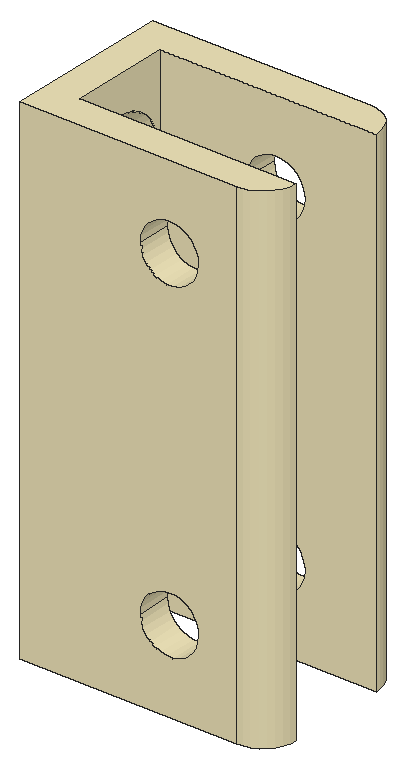
Revit family "ALMA-Brina_Shower_Glass_Clamp", category Specialty Equipment, Revit 2026
Family settings
  Round Connector Dimension = Use Diameter
  Part Type = Normal
  Work Plane-Based = Yes
  Enable Cutting in Views = Yes
  Always vertical = Yes
  Cut with Voids When Loaded = No
  Maintain Annotation Orientation = No
  Shared = No
  Room Calculation Point = No
Parameters (values of type "BRUSHED BRASS GOLD")
  Material = BM_BRASS GOLD
  Default Elevation = 1219.2 mm
Types (7, lengths in mm): name | Material
  (no name) | BM_BRASS GOLD
  BRUSHED GUNMETAL | BM_GUNMETAL
  BRUSHED NICKEL | BM_NICKEL
  MATTE BLACK | BM_MATTE BLACK
  CHROME | BM_CHROME
  BRUSHED BRASS GOLD | BM_BRASS GOLD
  BRUSHED ANTIQUE BRASS | BM_ANTIQUE BRASS
Reference planes
  plane 1 "Center (Front/Back)": y = 0
  plane 2: z = 0
  plane 3 "Center (Left/Right)": x = 0
  plane 4: x = -15
  plane 5: z = 10
  plane 6: z = 50
  plane 7: x = 15.032
  plane 8: y = 10
  plane 9: y = -10
Forms (mm)
  Extrusion 1, solid, material "BM_BRASS GOLD" <- "Material"
    sketch origin (0, 0, 0) x (1, 0, 0) y (0, 1, 0)
      loop
        line (11.032, 10) -> (-15, 10) -> (-15, -10) -> (11, -10)
        arc (11, -10) -> (13.828, -8.828) -> (15, -6) r 4
        line (15, -6) -> (-11, -6.004) -> (-11, 6.018) -> (15.032, 6.018)
        arc (15.032, 6.018) -> (13.854, 8.835) -> (11.032, 10) r 4
    from 0 to 60
  Extrusion 2, void
    sketch origin (0, 0, 0) x (1, 0, 0) y (0, 0, 1)
      loop
        circle (3, 10) r 3.5
      loop
        circle (3, 50) r 3.5
    from -15.041 to 12.118
  Extrusion 3, void
    sketch origin (0, 0, 0) x (0, 1, 0) y (0, 0, 1)
      loop
        circle (0, 50) r 2.5
      loop
        circle (0, 10) r 2.5
    from -15.513 to -13.998
  SweptBlend 4, void
    path origin (0, 0, 0) x (1, 0, 0) y (0, 1, 0)
      loop
        line (-13.998, 0) -> (-11, 0)
    profile origin (-13.998, 0, 0) x (0, 1, 0) y (0, 0, 1)
      loop
        circle (0, 50) r 2.5
    end profile origin (-11, 0, 0) x (0, 1, 0) y (0, 0, 1)
      loop
        circle (0, 50) r 5.5
  SweptBlend 5, void
    path origin (0, 0, -40) x (1, 0, 0) y (0, 1, 0)
      loop
        line (-13.998, 0) -> (-11, 0)
    profile origin (-13.998, 0, -40) x (0, 1, 0) y (0, 0, 1)
      loop
        circle (0, 50) r 2.5
    end profile origin (-11, 0, -40) x (0, 1, 0) y (0, 0, 1)
      loop
        circle (0, 50) r 5.5
Cuts and joins
  Extrusion 2, Extrusion 3, SweptBlend 4, SweptBlend 5 cuts Extrusion 1
Text (mm)
  text "Refer to www.buildmat.com.au for the most current product literature. \nAllow a +/- 5mm tolerance for dimensions shown in the product literature. \nPlease note product details are subject to change due to ongoing product development." at (-1.255, -41.07, 0), in view "Ref. Level"
Dimensions and locks
  aligned and locked: level to plane 2
